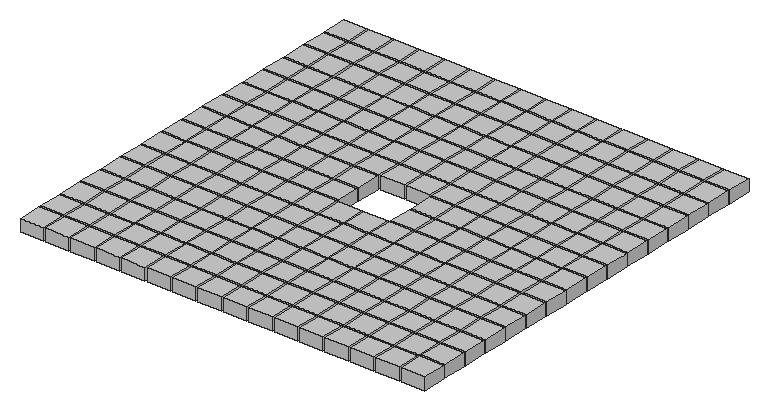
Revit family "Alcorque Ecológico", category Furniture, Revit 2020 (continued)
Automatic sketch dimensions
  Extrusion 268 sketch curve to plane 3201 = 0.120 m
  Extrusion 268 sketch curve to plane 3201 = 0.005 m
  Extrusion 268 sketch curve to Extrusion 268 sketch curve = 0.115 m
  Extrusion 269 sketch curve to plane 3213 = 0.120 m
  Extrusion 269 sketch curve to plane 3213 = 0.005 m
  Extrusion 269 sketch curve to Extrusion 269 sketch curve = 0.115 m
  Extrusion 270 sketch curve to plane 3225 = 0.120 m
  Extrusion 270 sketch curve to plane 3225 = 0.005 m
  Extrusion 270 sketch curve to Extrusion 270 sketch curve = 0.115 m
  plane 3243 to Extrusion 271 sketch curve = 0.005 m
  Extrusion 271 sketch curve to plane 3237 = 0.120 m
  Extrusion 271 sketch curve to plane 3237 = 0.005 m
  plane 3255 to Extrusion 272 sketch curve = 0.005 m
  Extrusion 272 sketch curve to plane 3249 = 0.120 m
  Extrusion 272 sketch curve to plane 3249 = 0.005 m
  plane 3267 to Extrusion 273 sketch curve = 0.005 m
  Extrusion 273 sketch curve to plane 3261 = 0.120 m
  Extrusion 273 sketch curve to plane 3261 = 0.005 m
  plane 3279 to Extrusion 274 sketch curve = 0.005 m
  Extrusion 274 sketch curve to plane 3273 = 0.120 m
  Extrusion 274 sketch curve to plane 3273 = 0.005 m
  Extrusion 274 sketch curve to Extrusion 274 sketch curve = 0.115 m
  plane 3291 to Extrusion 275 sketch curve = 0.005 m
  Extrusion 275 sketch curve to plane 3285 = 0.120 m
  Extrusion 275 sketch curve to plane 3285 = 0.005 m
  Extrusion 275 sketch curve to Extrusion 275 sketch curve = 0.115 m
  plane 3303 to Extrusion 276 sketch curve = 0.005 m
  Extrusion 276 sketch curve to plane 3297 = 0.120 m
  Extrusion 276 sketch curve to plane 3297 = 0.005 m
  Extrusion 276 sketch curve to Extrusion 276 sketch curve = 0.115 m
  plane 3315 to Extrusion 277 sketch curve = 0.005 m
  Extrusion 277 sketch curve to plane 3309 = 0.120 m
  Extrusion 277 sketch curve to plane 3309 = 0.005 m
  Extrusion 277 sketch curve to Extrusion 277 sketch curve = 0.115 m
  plane 3327 to Extrusion 278 sketch curve = 0.005 m
  Extrusion 278 sketch curve to plane 3321 = 0.120 m
  Extrusion 278 sketch curve to plane 3321 = 0.005 m
  Extrusion 278 sketch curve to Extrusion 278 sketch curve = 0.115 m
  plane 3339 to Extrusion 279 sketch curve = 0.005 m
  Extrusion 279 sketch curve to plane 3333 = 0.120 m
  Extrusion 279 sketch curve to plane 3333 = 0.005 m
  Extrusion 279 sketch curve to Extrusion 279 sketch curve = 0.115 m
  plane 3351 to Extrusion 280 sketch curve = 0.005 m
  Extrusion 280 sketch curve to plane 3345 = 0.120 m
  Extrusion 280 sketch curve to plane 3345 = 0.005 m
  Extrusion 280 sketch curve to Extrusion 280 sketch curve = 0.115 m
  plane 3363 to Extrusion 281 sketch curve = 0.005 m
  Extrusion 281 sketch curve to plane 3357 = 0.120 m
  Extrusion 281 sketch curve to plane 3357 = 0.005 m
  Extrusion 281 sketch curve to Extrusion 281 sketch curve = 0.115 m
  Extrusion 282 sketch curve to plane 3369 = 0.120 m
  Extrusion 282 sketch curve to plane 3369 = 0.005 m
  Extrusion 282 sketch curve to Extrusion 282 sketch curve = 0.115 m
  Extrusion 283 sketch curve to plane 3381 = 0.120 m
  Extrusion 283 sketch curve to plane 3381 = 0.005 m
  Extrusion 283 sketch curve to Extrusion 283 sketch curve = 0.115 m
  Extrusion 284 sketch curve to plane 3393 = 0.120 m
  Extrusion 284 sketch curve to plane 3393 = 0.005 m
  Extrusion 284 sketch curve to Extrusion 284 sketch curve = 0.115 m
  Extrusion 285 sketch curve to plane 3405 = 0.120 m
  Extrusion 285 sketch curve to plane 3405 = 0.005 m
  Extrusion 285 sketch curve to Extrusion 285 sketch curve = 0.115 m
  Extrusion 286 sketch curve to plane 3417 = 0.120 m
  Extrusion 286 sketch curve to plane 3417 = 0.005 m
  Extrusion 286 sketch curve to Extrusion 286 sketch curve = 0.115 m
  plane 3435 to Extrusion 287 sketch curve = 0.005 m
  Extrusion 287 sketch curve to plane 3429 = 0.120 m
  Extrusion 287 sketch curve to plane 3429 = 0.005 m
  plane 3447 to Extrusion 288 sketch curve = 0.005 m
  Extrusion 288 sketch curve to plane 3441 = 0.120 m
  Extrusion 288 sketch curve to plane 3441 = 0.005 m
  Extrusion 289 sketch curve to plane 3453 = 0.120 m
  Extrusion 289 sketch curve to plane 3453 = 0.005 m
  Extrusion 289 sketch curve to Extrusion 289 sketch curve = 0.115 m
  plane 3471 to Extrusion 290 sketch curve = 0.005 m
  Extrusion 290 sketch curve to plane 3465 = 0.120 m
  Extrusion 290 sketch curve to plane 3465 = 0.005 m
  plane 3483 to Extrusion 291 sketch curve = 0.005 m
  Extrusion 291 sketch curve to plane 3477 = 0.120 m
  Extrusion 291 sketch curve to plane 3477 = 0.005 m
  plane 3495 to Extrusion 292 sketch curve = 0.005 m
  Extrusion 292 sketch curve to plane 3489 = 0.120 m
  Extrusion 292 sketch curve to plane 3489 = 0.005 m
  plane 3507 to Extrusion 293 sketch curve = 0.005 m
  Extrusion 293 sketch curve to plane 3501 = 0.120 m
  Extrusion 293 sketch curve to plane 3501 = 0.005 m
  plane 3519 to Extrusion 294 sketch curve = 0.005 m
  Extrusion 294 sketch curve to plane 3513 = 0.120 m
  Extrusion 294 sketch curve to plane 3513 = 0.005 m
  plane 3531 to Extrusion 295 sketch curve = 0.005 m
  Extrusion 295 sketch curve to plane 3525 = 0.120 m
  Extrusion 295 sketch curve to plane 3525 = 0.005 m
  plane 3543 to Extrusion 296 sketch curve = 0.005 m
  Extrusion 296 sketch curve to plane 3537 = 0.120 m
  Extrusion 296 sketch curve to plane 3537 = 0.005 m
  Extrusion 296 sketch curve to Extrusion 296 sketch curve = 0.115 m
  plane 3555 to Extrusion 297 sketch curve = 0.005 m
  Extrusion 297 sketch curve to plane 3549 = 0.120 m
  Extrusion 297 sketch curve to plane 3549 = 0.005 m
  Extrusion 297 sketch curve to Extrusion 297 sketch curve = 0.115 m
  plane 3567 to Extrusion 298 sketch curve = 0.005 m
  Extrusion 298 sketch curve to plane 3561 = 0.120 m
  Extrusion 298 sketch curve to plane 3561 = 0.005 m
  Extrusion 298 sketch curve to Extrusion 298 sketch curve = 0.115 m
  plane 3579 to Extrusion 299 sketch curve = 0.005 m
  Extrusion 299 sketch curve to plane 3573 = 0.120 m
  Extrusion 299 sketch curve to plane 3573 = 0.005 m
  Extrusion 299 sketch curve to Extrusion 299 sketch curve = 0.115 m
  plane 3591 to Extrusion 300 sketch curve = 0.005 m
  Extrusion 300 sketch curve to plane 3585 = 0.120 m
  Extrusion 300 sketch curve to plane 3585 = 0.005 m
  Extrusion 300 sketch curve to Extrusion 300 sketch curve = 0.115 m
  plane 3603 to Extrusion 301 sketch curve = 0.005 m
  Extrusion 301 sketch curve to plane 3597 = 0.120 m
  Extrusion 301 sketch curve to plane 3597 = 0.005 m
  Extrusion 301 sketch curve to Extrusion 301 sketch curve = 0.115 m
  plane 3615 to Extrusion 302 sketch curve = 0.005 m
  Extrusion 302 sketch curve to plane 3609 = 0.120 m
  Extrusion 302 sketch curve to plane 3609 = 0.005 m
  Extrusion 302 sketch curve to Extrusion 302 sketch curve = 0.115 m
  plane 3627 to Extrusion 303 sketch curve = 0.005 m
  Extrusion 303 sketch curve to plane 3621 = 0.120 m
  Extrusion 303 sketch curve to plane 3621 = 0.005 m
  Extrusion 303 sketch curve to Extrusion 303 sketch curve = 0.115 m
  plane 3639 to Extrusion 304 sketch curve = 0.005 m
  Extrusion 304 sketch curve to plane 3633 = 0.120 m
  Extrusion 304 sketch curve to plane 3633 = 0.005 m
  Extrusion 304 sketch curve to Extrusion 304 sketch curve = 0.115 m
  plane 3651 to Extrusion 305 sketch curve = 0.005 m
  Extrusion 305 sketch curve to plane 3645 = 0.120 m
  Extrusion 305 sketch curve to plane 3645 = 0.005 m
  Extrusion 305 sketch curve to Extrusion 305 sketch curve = 0.115 m
  plane 3663 to Extrusion 306 sketch curve = 0.005 m
  Extrusion 306 sketch curve to plane 3657 = 0.120 m
  Extrusion 306 sketch curve to plane 3657 = 0.005 m
  Extrusion 306 sketch curve to Extrusion 306 sketch curve = 0.115 m
  plane 3675 to Extrusion 307 sketch curve = 0.005 m
  Extrusion 307 sketch curve to plane 3669 = 0.120 m
  Extrusion 307 sketch curve to plane 3669 = 0.005 m
  Extrusion 307 sketch curve to Extrusion 307 sketch curve = 0.115 m
  plane 3687 to Extrusion 308 sketch curve = 0.005 m
  Extrusion 308 sketch curve to plane 3681 = 0.120 m
  Extrusion 308 sketch curve to plane 3681 = 0.005 m
  Extrusion 308 sketch curve to Extrusion 308 sketch curve = 0.115 m
  plane 3699 to Extrusion 309 sketch curve = 0.005 m
  Extrusion 309 sketch curve to plane 3693 = 0.120 m
  Extrusion 309 sketch curve to plane 3693 = 0.005 m
  Extrusion 309 sketch curve to Extrusion 309 sketch curve = 0.115 m
  plane 3711 to Extrusion 310 sketch curve = 0.005 m
  Extrusion 310 sketch curve to plane 3705 = 0.120 m
  Extrusion 310 sketch curve to plane 3705 = 0.005 m
  Extrusion 310 sketch curve to Extrusion 310 sketch curve = 0.115 m
  plane 3723 to Extrusion 311 sketch curve = 0.005 m
  Extrusion 311 sketch curve to plane 3717 = 0.120 m
  Extrusion 311 sketch curve to plane 3717 = 0.005 m
  Extrusion 311 sketch curve to Extrusion 311 sketch curve = 0.115 m
  plane 3735 to Extrusion 312 sketch curve = 0.005 m
  Extrusion 312 sketch curve to plane 3729 = 0.120 m
  Extrusion 312 sketch curve to plane 3729 = 0.005 m
  Extrusion 312 sketch curve to Extrusion 312 sketch curve = 0.115 m
  plane 3747 to Extrusion 313 sketch curve = 0.005 m
  Extrusion 313 sketch curve to plane 3741 = 0.120 m
  Extrusion 313 sketch curve to plane 3741 = 0.005 m
  Extrusion 313 sketch curve to Extrusion 313 sketch curve = 0.115 m
  plane 3759 to Extrusion 314 sketch curve = 0.005 m
  Extrusion 314 sketch curve to plane 3753 = 0.120 m
  Extrusion 314 sketch curve to plane 3753 = 0.005 m
  Extrusion 314 sketch curve to Extrusion 314 sketch curve = 0.115 m
  plane 3771 to Extrusion 315 sketch curve = 0.005 m
  Extrusion 315 sketch curve to plane 3765 = 0.120 m
  Extrusion 315 sketch curve to plane 3765 = 0.005 m
  Extrusion 315 sketch curve to Extrusion 315 sketch curve = 0.115 m
  plane 3783 to Extrusion 316 sketch curve = 0.005 m
  Extrusion 316 sketch curve to plane 3777 = 0.120 m
  Extrusion 316 sketch curve to plane 3777 = 0.005 m
  Extrusion 316 sketch curve to Extrusion 316 sketch curve = 0.115 m
  plane 3795 to Extrusion 317 sketch curve = 0.005 m
  Extrusion 317 sketch curve to plane 3789 = 0.120 m
  Extrusion 317 sketch curve to plane 3789 = 0.005 m
  Extrusion 317 sketch curve to Extrusion 317 sketch curve = 0.115 m
  plane 3807 to Extrusion 318 sketch curve = 0.005 m
  Extrusion 318 sketch curve to plane 3801 = 0.120 m
  Extrusion 318 sketch curve to plane 3801 = 0.005 m
  Extrusion 318 sketch curve to Extrusion 318 sketch curve = 0.115 m
  plane 3819 to Extrusion 319 sketch curve = 0.005 m
  Extrusion 319 sketch curve to plane 3813 = 0.120 m
  Extrusion 319 sketch curve to plane 3813 = 0.005 m
  Extrusion 319 sketch curve to Extrusion 319 sketch curve = 0.115 m
  plane 3831 to Extrusion 320 sketch curve = 0.005 m
  Extrusion 320 sketch curve to plane 3825 = 0.120 m
  Extrusion 320 sketch curve to plane 3825 = 0.005 m
  plane 3843 to Extrusion 321 sketch curve = 0.005 m
  Extrusion 321 sketch curve to plane 3837 = 0.120 m
  Extrusion 321 sketch curve to plane 3837 = 0.005 m
  plane 3855 to Extrusion 322 sketch curve = 0.005 m
  Extrusion 322 sketch curve to plane 3849 = 0.120 m
  Extrusion 322 sketch curve to plane 3849 = 0.005 m
  plane 3867 to Extrusion 323 sketch curve = 0.005 m
  Extrusion 323 sketch curve to plane 3861 = 0.120 m
  Extrusion 323 sketch curve to plane 3861 = 0.005 m
  Extrusion 323 sketch curve to Extrusion 323 sketch curve = 0.115 m
  plane 3879 to Extrusion 324 sketch curve = 0.005 m
  Extrusion 324 sketch curve to plane 3873 = 0.120 m
  Extrusion 324 sketch curve to plane 3873 = 0.005 m
  Extrusion 324 sketch curve to Extrusion 324 sketch curve = 0.115 m
  plane 3891 to Extrusion 325 sketch curve = 0.005 m
  Extrusion 325 sketch curve to plane 3885 = 0.120 m
  Extrusion 325 sketch curve to plane 3885 = 0.005 m
  Extrusion 325 sketch curve to Extrusion 325 sketch curve = 0.115 m
  plane 3903 to Extrusion 326 sketch curve = 0.005 m
  Extrusion 326 sketch curve to plane 3897 = 0.120 m
  Extrusion 326 sketch curve to plane 3897 = 0.005 m
  Extrusion 326 sketch curve to Extrusion 326 sketch curve = 0.115 m
  plane 3915 to Extrusion 327 sketch curve = 0.005 m
  Extrusion 327 sketch curve to plane 3909 = 0.120 m
  Extrusion 327 sketch curve to plane 3909 = 0.005 m
  Extrusion 327 sketch curve to Extrusion 327 sketch curve = 0.115 m
  plane 3927 to Extrusion 328 sketch curve = 0.005 m
  Extrusion 328 sketch curve to plane 3921 = 0.120 m
  Extrusion 328 sketch curve to plane 3921 = 0.005 m
  Extrusion 328 sketch curve to Extrusion 328 sketch curve = 0.115 m
  plane 3939 to Extrusion 329 sketch curve = 0.005 m
  Extrusion 329 sketch curve to plane 3933 = 0.120 m
  Extrusion 329 sketch curve to plane 3933 = 0.005 m
  Extrusion 329 sketch curve to Extrusion 329 sketch curve = 0.115 m
  plane 3951 to Extrusion 330 sketch curve = 0.005 m
  Extrusion 330 sketch curve to plane 3945 = 0.120 m
  Extrusion 330 sketch curve to plane 3945 = 0.005 m
  Extrusion 330 sketch curve to Extrusion 330 sketch curve = 0.115 m
  plane 3963 to Extrusion 331 sketch curve = 0.005 m
  Extrusion 331 sketch curve to plane 3957 = 0.120 m
  Extrusion 331 sketch curve to plane 3957 = 0.005 m
  Extrusion 331 sketch curve to Extrusion 331 sketch curve = 0.115 m
  plane 3975 to Extrusion 332 sketch curve = 0.005 m
  Extrusion 332 sketch curve to plane 3969 = 0.120 m
  Extrusion 332 sketch curve to plane 3969 = 0.005 m
  Extrusion 332 sketch curve to Extrusion 332 sketch curve = 0.115 m
  plane 3987 to Extrusion 333 sketch curve = 0.005 m
  Extrusion 333 sketch curve to plane 3981 = 0.120 m
  Extrusion 333 sketch curve to plane 3981 = 0.005 m
  Extrusion 333 sketch curve to Extrusion 333 sketch curve = 0.115 m
  plane 3999 to Extrusion 334 sketch curve = 0.005 m
  Extrusion 334 sketch curve to plane 3993 = 0.120 m
  Extrusion 334 sketch curve to plane 3993 = 0.005 m
  Extrusion 334 sketch curve to Extrusion 334 sketch curve = 0.115 m
  plane 4011 to Extrusion 335 sketch curve = 0.005 m
  Extrusion 335 sketch curve to plane 4005 = 0.120 m
  Extrusion 335 sketch curve to plane 4005 = 0.005 m
  plane 4023 to Extrusion 336 sketch curve = 0.005 m
  Extrusion 336 sketch curve to plane 4017 = 0.120 m
  Extrusion 336 sketch curve to plane 4017 = 0.005 m
  plane 4035 to Extrusion 337 sketch curve = 0.005 m
  Extrusion 337 sketch curve to plane 4029 = 0.120 m
  Extrusion 337 sketch curve to plane 4029 = 0.005 m
  plane 4047 to Extrusion 338 sketch curve = 0.005 m
  Extrusion 338 sketch curve to plane 4041 = 0.120 m
  Extrusion 338 sketch curve to plane 4041 = 0.005 m
  plane 4059 to Extrusion 339 sketch curve = 0.005 m
  Extrusion 339 sketch curve to plane 4053 = 0.120 m
  Extrusion 339 sketch curve to plane 4053 = 0.005 m
  plane 4071 to Extrusion 340 sketch curve = 0.005 m
  Extrusion 340 sketch curve to plane 4065 = 0.120 m
  Extrusion 340 sketch curve to plane 4065 = 0.005 m
  plane 4083 to Extrusion 341 sketch curve = 0.005 m
  Extrusion 341 sketch curve to plane 4077 = 0.120 m
  Extrusion 341 sketch curve to plane 4077 = 0.005 m
  Extrusion 341 sketch curve to Extrusion 341 sketch curve = 0.115 m
  plane 4095 to Extrusion 342 sketch curve = 0.005 m
  Extrusion 342 sketch curve to plane 4089 = 0.120 m
  Extrusion 342 sketch curve to plane 4089 = 0.005 m
  Extrusion 342 sketch curve to Extrusion 342 sketch curve = 0.115 m
  plane 4107 to Extrusion 343 sketch curve = 0.005 m
  Extrusion 343 sketch curve to plane 4101 = 0.120 m
  Extrusion 343 sketch curve to plane 4101 = 0.005 m
  Extrusion 343 sketch curve to Extrusion 343 sketch curve = 0.115 m
  plane 4119 to Extrusion 344 sketch curve = 0.005 m
  Extrusion 344 sketch curve to plane 4113 = 0.120 m
  Extrusion 344 sketch curve to plane 4113 = 0.005 m
  Extrusion 344 sketch curve to Extrusion 344 sketch curve = 0.115 m
  plane 4131 to Extrusion 345 sketch curve = 0.005 m
  Extrusion 345 sketch curve to plane 4125 = 0.120 m
  Extrusion 345 sketch curve to plane 4125 = 0.005 m
  Extrusion 345 sketch curve to Extrusion 345 sketch curve = 0.115 m
  plane 4143 to Extrusion 346 sketch curve = 0.005 m
  Extrusion 346 sketch curve to plane 4137 = 0.120 m
  Extrusion 346 sketch curve to plane 4137 = 0.005 m
  Extrusion 346 sketch curve to Extrusion 346 sketch curve = 0.115 m
  plane 4155 to Extrusion 347 sketch curve = 0.005 m
  Extrusion 347 sketch curve to plane 4149 = 0.120 m
  Extrusion 347 sketch curve to plane 4149 = 0.005 m
  Extrusion 347 sketch curve to Extrusion 347 sketch curve = 0.115 m
  plane 4167 to Extrusion 348 sketch curve = 0.005 m
  Extrusion 348 sketch curve to plane 4161 = 0.120 m
  Extrusion 348 sketch curve to plane 4161 = 0.005 m
  Extrusion 348 sketch curve to Extrusion 348 sketch curve = 0.115 m
  Extrusion 349 sketch curve to plane 4173 = 0.120 m
  Extrusion 349 sketch curve to plane 4173 = 0.005 m
  Extrusion 349 sketch curve to Extrusion 349 sketch curve = 0.115 m
  Extrusion 350 sketch curve to plane 4185 = 0.120 m
  Extrusion 350 sketch curve to plane 4185 = 0.005 m
  Extrusion 350 sketch curve to Extrusion 350 sketch curve = 0.115 m
  Extrusion 351 sketch curve to plane 4197 = 0.120 m
  Extrusion 351 sketch curve to plane 4197 = 0.005 m
  Extrusion 351 sketch curve to Extrusion 351 sketch curve = 0.115 m
  plane 4215 to Extrusion 352 sketch curve = 0.005 m
  Extrusion 352 sketch curve to plane 4209 = 0.120 m
  Extrusion 352 sketch curve to plane 4209 = 0.005 m
  plane 4227 to Extrusion 353 sketch curve = 0.005 m
  Extrusion 353 sketch curve to plane 4221 = 0.120 m
  Extrusion 353 sketch curve to plane 4221 = 0.005 m
  plane 4239 to Extrusion 354 sketch curve = 0.005 m
  Extrusion 354 sketch curve to plane 4233 = 0.120 m
  Extrusion 354 sketch curve to plane 4233 = 0.005 m
  plane 4251 to Extrusion 355 sketch curve = 0.005 m
  Extrusion 355 sketch curve to plane 4245 = 0.120 m
  Extrusion 355 sketch curve to plane 4245 = 0.005 m
  Extrusion 355 sketch curve to Extrusion 355 sketch curve = 0.115 m
  plane 4263 to Extrusion 356 sketch curve = 0.005 m
  Extrusion 356 sketch curve to plane 4257 = 0.120 m
  Extrusion 356 sketch curve to plane 4257 = 0.005 m
  Extrusion 356 sketch curve to Extrusion 356 sketch curve = 0.115 m
  plane 4275 to Extrusion 357 sketch curve = 0.005 m
  Extrusion 357 sketch curve to plane 4269 = 0.120 m
  Extrusion 357 sketch curve to plane 4269 = 0.005 m
  Extrusion 357 sketch curve to Extrusion 357 sketch curve = 0.115 m
  plane 4287 to Extrusion 358 sketch curve = 0.005 m
  Extrusion 358 sketch curve to plane 4281 = 0.120 m
  Extrusion 358 sketch curve to plane 4281 = 0.005 m
  Extrusion 358 sketch curve to Extrusion 358 sketch curve = 0.115 m
  plane 4299 to Extrusion 359 sketch curve = 0.005 m
  Extrusion 359 sketch curve to plane 4293 = 0.120 m
  Extrusion 359 sketch curve to plane 4293 = 0.005 m
  Extrusion 359 sketch curve to Extrusion 359 sketch curve = 0.115 m
  plane 4311 to Extrusion 360 sketch curve = 0.005 m
  Extrusion 360 sketch curve to plane 4305 = 0.120 m
  Extrusion 360 sketch curve to plane 4305 = 0.005 m
  Extrusion 360 sketch curve to Extrusion 360 sketch curve = 0.115 m
  plane 4323 to Extrusion 361 sketch curve = 0.005 m
  Extrusion 361 sketch curve to plane 4317 = 0.120 m
  Extrusion 361 sketch curve to plane 4317 = 0.005 m
  Extrusion 361 sketch curve to Extrusion 361 sketch curve = 0.115 m
  plane 4335 to Extrusion 362 sketch curve = 0.005 m
  Extrusion 362 sketch curve to plane 4329 = 0.120 m
  Extrusion 362 sketch curve to plane 4329 = 0.005 m
  Extrusion 362 sketch curve to Extrusion 362 sketch curve = 0.115 m
  Extrusion 363 sketch curve to plane 4341 = 0.120 m
  Extrusion 363 sketch curve to plane 4341 = 0.005 m
  Extrusion 363 sketch curve to Extrusion 363 sketch curve = 0.115 m
  Extrusion 364 sketch curve to plane 4353 = 0.120 m
  Extrusion 364 sketch curve to plane 4353 = 0.005 m
  Extrusion 364 sketch curve to Extrusion 364 sketch curve = 0.115 m
  Extrusion 365 sketch curve to plane 4365 = 0.120 m
  Extrusion 365 sketch curve to plane 4365 = 0.005 m
  Extrusion 365 sketch curve to Extrusion 365 sketch curve = 0.115 m
  Extrusion 366 sketch curve to plane 4377 = 0.120 m
  Extrusion 366 sketch curve to plane 4377 = 0.005 m
  Extrusion 366 sketch curve to Extrusion 366 sketch curve = 0.115 m
  Extrusion 367 sketch curve to plane 4389 = 0.120 m
  Extrusion 367 sketch curve to plane 4389 = 0.005 m
  Extrusion 367 sketch curve to Extrusion 367 sketch curve = 0.115 m
  plane 4407 to Extrusion 368 sketch curve = 0.005 m
  Extrusion 368 sketch curve to plane 4401 = 0.120 m
  Extrusion 368 sketch curve to plane 4401 = 0.005 m
  plane 4419 to Extrusion 369 sketch curve = 0.005 m
  Extrusion 369 sketch curve to plane 4413 = 0.120 m
  Extrusion 369 sketch curve to plane 4413 = 0.005 m
  plane 4431 to Extrusion 370 sketch curve = 0.005 m
  Extrusion 370 sketch curve to plane 4425 = 0.120 m
  Extrusion 370 sketch curve to plane 4425 = 0.005 m
  plane 4443 to Extrusion 371 sketch curve = 0.005 m
  Extrusion 371 sketch curve to plane 4437 = 0.120 m
  Extrusion 371 sketch curve to plane 4437 = 0.005 m
  plane 4455 to Extrusion 372 sketch curve = 0.005 m
  Extrusion 372 sketch curve to plane 4449 = 0.120 m
  Extrusion 372 sketch curve to plane 4449 = 0.005 m
  Extrusion 372 sketch curve to Extrusion 372 sketch curve = 0.115 m
  plane 4467 to Extrusion 373 sketch curve = 0.005 m
  Extrusion 373 sketch curve to plane 4461 = 0.120 m
  Extrusion 373 sketch curve to plane 4461 = 0.005 m
  Extrusion 373 sketch curve to Extrusion 373 sketch curve = 0.115 m
  plane 4479 to Extrusion 374 sketch curve = 0.005 m
  Extrusion 374 sketch curve to plane 4473 = 0.120 m
  Extrusion 374 sketch curve to plane 4473 = 0.005 m
  Extrusion 374 sketch curve to Extrusion 374 sketch curve = 0.115 m
  plane 4491 to Extrusion 375 sketch curve = 0.005 m
  Extrusion 375 sketch curve to plane 4485 = 0.120 m
  Extrusion 375 sketch curve to plane 4485 = 0.005 m
  Extrusion 375 sketch curve to Extrusion 375 sketch curve = 0.115 m
  plane 4503 to Extrusion 376 sketch curve = 0.005 m
  Extrusion 376 sketch curve to plane 4497 = 0.120 m
  Extrusion 376 sketch curve to plane 4497 = 0.005 m
  Extrusion 376 sketch curve to Extrusion 376 sketch curve = 0.115 m
  plane 4515 to Extrusion 377 sketch curve = 0.005 m
  Extrusion 377 sketch curve to plane 4509 = 0.120 m
  Extrusion 377 sketch curve to plane 4509 = 0.005 m
  Extrusion 377 sketch curve to Extrusion 377 sketch curve = 0.115 m
  plane 4527 to Extrusion 378 sketch curve = 0.005 m
  Extrusion 378 sketch curve to plane 4521 = 0.120 m
  Extrusion 378 sketch curve to plane 4521 = 0.005 m
  Extrusion 378 sketch curve to Extrusion 378 sketch curve = 0.115 m
  plane 4539 to Extrusion 379 sketch curve = 0.005 m
  Extrusion 379 sketch curve to plane 4533 = 0.120 m
  Extrusion 379 sketch curve to plane 4533 = 0.005 m
  Extrusion 379 sketch curve to Extrusion 379 sketch curve = 0.115 m
  plane 4551 to Extrusion 380 sketch curve = 0.005 m
  Extrusion 380 sketch curve to plane 4545 = 0.120 m
  Extrusion 380 sketch curve to plane 4545 = 0.005 m
  Extrusion 380 sketch curve to Extrusion 380 sketch curve = 0.115 m
  plane 4563 to Extrusion 381 sketch curve = 0.005 m
  Extrusion 381 sketch curve to plane 4557 = 0.120 m
  Extrusion 381 sketch curve to plane 4557 = 0.005 m
  Extrusion 381 sketch curve to Extrusion 381 sketch curve = 0.115 m
  plane 4575 to Extrusion 382 sketch curve = 0.005 m
  Extrusion 382 sketch curve to plane 4569 = 0.120 m
  Extrusion 382 sketch curve to plane 4569 = 0.005 m
  Extrusion 382 sketch curve to Extrusion 382 sketch curve = 0.115 m
  plane 4587 to Extrusion 383 sketch curve = 0.005 m
  Extrusion 383 sketch curve to plane 4581 = 0.120 m
  Extrusion 383 sketch curve to plane 4581 = 0.005 m
  Extrusion 383 sketch curve to Extrusion 383 sketch curve = 0.115 m
  plane 4599 to Extrusion 384 sketch curve = 0.005 m
  Extrusion 384 sketch curve to plane 4593 = 0.120 m
  Extrusion 384 sketch curve to plane 4593 = 0.005 m
  plane 4611 to Extrusion 385 sketch curve = 0.005 m
  Extrusion 385 sketch curve to plane 4605 = 0.120 m
  Extrusion 385 sketch curve to plane 4605 = 0.005 m
  Extrusion 385 sketch curve to Extrusion 385 sketch curve = 0.115 m
  plane 4623 to Extrusion 386 sketch curve = 0.005 m
  Extrusion 386 sketch curve to plane 4617 = 0.120 m
  Extrusion 386 sketch curve to plane 4617 = 0.005 m
  Extrusion 386 sketch curve to Extrusion 386 sketch curve = 0.115 m
  plane 4635 to Extrusion 387 sketch curve = 0.005 m
  Extrusion 387 sketch curve to plane 4629 = 0.120 m
  Extrusion 387 sketch curve to plane 4629 = 0.005 m
  Extrusion 387 sketch curve to Extrusion 387 sketch curve = 0.115 m
  plane 4647 to Extrusion 388 sketch curve = 0.005 m
  Extrusion 388 sketch curve to plane 4641 = 0.120 m
  Extrusion 388 sketch curve to plane 4641 = 0.005 m
  Extrusion 388 sketch curve to Extrusion 388 sketch curve = 0.115 m
  plane 4659 to Extrusion 389 sketch curve = 0.005 m
  Extrusion 389 sketch curve to plane 4653 = 0.120 m
  Extrusion 389 sketch curve to plane 4653 = 0.005 m
  Extrusion 389 sketch curve to Extrusion 389 sketch curve = 0.115 m
  plane 4671 to Extrusion 390 sketch curve = 0.005 m
  Extrusion 390 sketch curve to plane 4665 = 0.120 m
  Extrusion 390 sketch curve to plane 4665 = 0.005 m
  Extrusion 390 sketch curve to Extrusion 390 sketch curve = 0.115 m
  plane 4683 to Extrusion 391 sketch curve = 0.005 m
  Extrusion 391 sketch curve to plane 4677 = 0.120 m
  Extrusion 391 sketch curve to plane 4677 = 0.005 m
  Extrusion 391 sketch curve to Extrusion 391 sketch curve = 0.115 m
  plane 4695 to Extrusion 392 sketch curve = 0.005 m
  Extrusion 392 sketch curve to plane 4689 = 0.120 m
  Extrusion 392 sketch curve to plane 4689 = 0.005 m
  Extrusion 392 sketch curve to Extrusion 392 sketch curve = 0.115 m
  plane 4707 to Extrusion 393 sketch curve = 0.005 m
  Extrusion 393 sketch curve to plane 4701 = 0.120 m
  Extrusion 393 sketch curve to plane 4701 = 0.005 m
  Extrusion 393 sketch curve to Extrusion 393 sketch curve = 0.115 m
  plane 4719 to Extrusion 394 sketch curve = 0.005 m
  Extrusion 394 sketch curve to plane 4713 = 0.120 m
  Extrusion 394 sketch curve to plane 4713 = 0.005 m
  Extrusion 394 sketch curve to Extrusion 394 sketch curve = 0.115 m
  plane 4731 to Extrusion 395 sketch curve = 0.005 m
  Extrusion 395 sketch curve to plane 4725 = 0.120 m
  Extrusion 395 sketch curve to plane 4725 = 0.005 m
  Extrusion 395 sketch curve to Extrusion 395 sketch curve = 0.115 m
  plane 4743 to Extrusion 396 sketch curve = 0.005 m
  Extrusion 396 sketch curve to plane 4737 = 0.120 m
  Extrusion 396 sketch curve to plane 4737 = 0.005 m
  Extrusion 396 sketch curve to Extrusion 396 sketch curve = 0.115 m
  plane 4755 to Extrusion 397 sketch curve = 0.005 m
  Extrusion 397 sketch curve to plane 4749 = 0.120 m
  Extrusion 397 sketch curve to plane 4749 = 0.005 m
  Extrusion 397 sketch curve to Extrusion 397 sketch curve = 0.115 m
  plane 4767 to Extrusion 398 sketch curve = 0.005 m
  Extrusion 398 sketch curve to plane 4761 = 0.120 m
  Extrusion 398 sketch curve to plane 4761 = 0.005 m
  Extrusion 398 sketch curve to Extrusion 398 sketch curve = 0.115 m
  plane 4779 to Extrusion 399 sketch curve = 0.005 m
  Extrusion 399 sketch curve to plane 4773 = 0.120 m
  Extrusion 399 sketch curve to plane 4773 = 0.005 m
  Extrusion 399 sketch curve to Extrusion 399 sketch curve = 0.115 m
  plane 4791 to Extrusion 400 sketch curve = 0.005 m
  Extrusion 400 sketch curve to plane 4785 = 0.120 m
  Extrusion 400 sketch curve to plane 4785 = 0.005 m
  Extrusion 400 sketch curve to Extrusion 400 sketch curve = 0.115 m
  plane 4803 to Extrusion 401 sketch curve = 0.005 m
  Extrusion 401 sketch curve to plane 4797 = 0.120 m
  Extrusion 401 sketch curve to plane 4797 = 0.005 m
  Extrusion 401 sketch curve to Extrusion 401 sketch curve = 0.115 m
  plane 4815 to Extrusion 402 sketch curve = 0.005 m
  Extrusion 402 sketch curve to plane 4809 = 0.120 m
  Extrusion 402 sketch curve to plane 4809 = 0.005 m
  Extrusion 402 sketch curve to Extrusion 402 sketch curve = 0.115 m
  plane 4827 to Extrusion 403 sketch curve = 0.005 m
  Extrusion 403 sketch curve to plane 4821 = 0.120 m
  Extrusion 403 sketch curve to plane 4821 = 0.005 m
  Extrusion 403 sketch curve to Extrusion 403 sketch curve = 0.115 m
  plane 4839 to Extrusion 404 sketch curve = 0.005 m
  Extrusion 404 sketch curve to plane 4833 = 0.120 m
  Extrusion 404 sketch curve to plane 4833 = 0.005 m
  Extrusion 404 sketch curve to Extrusion 404 sketch curve = 0.115 m
  plane 4851 to Extrusion 405 sketch curve = 0.005 m
  Extrusion 405 sketch curve to plane 4845 = 0.120 m
  Extrusion 405 sketch curve to plane 4845 = 0.005 m
  Extrusion 405 sketch curve to Extrusion 405 sketch curve = 0.115 m
  plane 4863 to Extrusion 406 sketch curve = 0.005 m
  Extrusion 406 sketch curve to plane 4857 = 0.120 m
  Extrusion 406 sketch curve to plane 4857 = 0.005 m
  Extrusion 406 sketch curve to Extrusion 406 sketch curve = 0.115 m
  plane 4875 to Extrusion 407 sketch curve = 0.005 m
  Extrusion 407 sketch curve to plane 4869 = 0.120 m
  Extrusion 407 sketch curve to plane 4869 = 0.005 m
  Extrusion 407 sketch curve to Extrusion 407 sketch curve = 0.115 m
  plane 4887 to Extrusion 408 sketch curve = 0.005 m
  Extrusion 408 sketch curve to plane 4881 = 0.120 m
  Extrusion 408 sketch curve to plane 4881 = 0.005 m
  Extrusion 408 sketch curve to Extrusion 408 sketch curve = 0.115 m
  plane 4899 to Extrusion 409 sketch curve = 0.005 m
  Extrusion 409 sketch curve to plane 4893 = 0.120 m
  Extrusion 409 sketch curve to plane 4893 = 0.005 m
  Extrusion 409 sketch curve to Extrusion 409 sketch curve = 0.115 m
  plane 4911 to Extrusion 410 sketch curve = 0.005 m
  Extrusion 410 sketch curve to plane 4905 = 0.120 m
  Extrusion 410 sketch curve to plane 4905 = 0.005 m
  Extrusion 410 sketch curve to Extrusion 410 sketch curve = 0.115 m
  plane 4923 to Extrusion 411 sketch curve = 0.005 m
  Extrusion 411 sketch curve to plane 4917 = 0.120 m
  Extrusion 411 sketch curve to plane 4917 = 0.005 m
  Extrusion 411 sketch curve to Extrusion 411 sketch curve = 0.115 m
  plane 4935 to Extrusion 412 sketch curve = 0.005 m
  Extrusion 412 sketch curve to plane 4929 = 0.120 m
  Extrusion 412 sketch curve to plane 4929 = 0.005 m
  Extrusion 412 sketch curve to Extrusion 412 sketch curve = 0.115 m
  plane 4947 to Extrusion 413 sketch curve = 0.005 m
  Extrusion 413 sketch curve to plane 4941 = 0.120 m
  Extrusion 413 sketch curve to plane 4941 = 0.005 m
  Extrusion 413 sketch curve to Extrusion 413 sketch curve = 0.115 m
  plane 4959 to Extrusion 414 sketch curve = 0.005 m
  Extrusion 414 sketch curve to plane 4953 = 0.120 m
  Extrusion 414 sketch curve to plane 4953 = 0.005 m
  Extrusion 414 sketch curve to Extrusion 414 sketch curve = 0.115 m
  plane 4971 to Extrusion 415 sketch curve = 0.005 m
  Extrusion 415 sketch curve to plane 4965 = 0.120 m
  Extrusion 415 sketch curve to plane 4965 = 0.005 m
  Extrusion 415 sketch curve to Extrusion 415 sketch curve = 0.115 m
  plane 4983 to Extrusion 416 sketch curve = 0.005 m
  Extrusion 416 sketch curve to plane 4977 = 0.120 m
  Extrusion 416 sketch curve to plane 4977 = 0.005 m
  Extrusion 416 sketch curve to Extrusion 416 sketch curve = 0.115 m
  plane 4995 to Extrusion 417 sketch curve = 0.005 m
  Extrusion 417 sketch curve to plane 4989 = 0.120 m
  Extrusion 417 sketch curve to plane 4989 = 0.005 m
  Extrusion 417 sketch curve to Extrusion 417 sketch curve = 0.115 m
  plane 5007 to Extrusion 418 sketch curve = 0.005 m
  Extrusion 418 sketch curve to plane 5001 = 0.120 m
  Extrusion 418 sketch curve to plane 5001 = 0.005 m
  Extrusion 418 sketch curve to Extrusion 418 sketch curve = 0.115 m
  plane 5019 to Extrusion 419 sketch curve = 0.005 m
  Extrusion 419 sketch curve to plane 5013 = 0.120 m
  Extrusion 419 sketch curve to plane 5013 = 0.005 m
  Extrusion 419 sketch curve to Extrusion 419 sketch curve = 0.115 m
  plane 5031 to Extrusion 420 sketch curve = 0.005 m
  Extrusion 420 sketch curve to plane 5025 = 0.120 m
  Extrusion 420 sketch curve to plane 5025 = 0.005 m
  Extrusion 420 sketch curve to Extrusion 420 sketch curve = 0.115 m
  plane 5043 to Extrusion 421 sketch curve = 0.005 m
  Extrusion 421 sketch curve to plane 5037 = 0.120 m
  Extrusion 421 sketch curve to plane 5037 = 0.005 m
  Extrusion 421 sketch curve to Extrusion 421 sketch curve = 0.115 m
  plane 5055 to Extrusion 422 sketch curve = 0.005 m
  Extrusion 422 sketch curve to plane 5049 = 0.120 m
  Extrusion 422 sketch curve to plane 5049 = 0.005 m
  Extrusion 422 sketch curve to Extrusion 422 sketch curve = 0.115 m
  plane 5067 to Extrusion 423 sketch curve = 0.005 m
  Extrusion 423 sketch curve to plane 5061 = 0.120 m
  Extrusion 423 sketch curve to plane 5061 = 0.005 m
  Extrusion 423 sketch curve to Extrusion 423 sketch curve = 0.115 m
  plane 5079 to Extrusion 424 sketch curve = 0.005 m
  Extrusion 424 sketch curve to plane 5073 = 0.120 m
  Extrusion 424 sketch curve to plane 5073 = 0.005 m
  Extrusion 424 sketch curve to Extrusion 424 sketch curve = 0.115 m
  plane 5091 to Extrusion 425 sketch curve = 0.005 m
  Extrusion 425 sketch curve to plane 5085 = 0.120 m
  Extrusion 425 sketch curve to plane 5085 = 0.005 m
  Extrusion 425 sketch curve to Extrusion 425 sketch curve = 0.115 m
  plane 5103 to Extrusion 426 sketch curve = 0.005 m
  Extrusion 426 sketch curve to plane 5097 = 0.120 m
  Extrusion 426 sketch curve to plane 5097 = 0.005 m
  Extrusion 426 sketch curve to Extrusion 426 sketch curve = 0.115 m
  plane 5115 to Extrusion 427 sketch curve = 0.005 m
  Extrusion 427 sketch curve to plane 5109 = 0.120 m
  Extrusion 427 sketch curve to plane 5109 = 0.005 m
  Extrusion 427 sketch curve to Extrusion 427 sketch curve = 0.115 m
  plane 5127 to Extrusion 428 sketch curve = 0.005 m
  Extrusion 428 sketch curve to plane 5121 = 0.120 m
  Extrusion 428 sketch curve to plane 5121 = 0.005 m
  Extrusion 428 sketch curve to Extrusion 428 sketch curve = 0.115 m
  plane 5139 to Extrusion 429 sketch curve = 0.005 m
  Extrusion 429 sketch curve to plane 5133 = 0.120 m
  Extrusion 429 sketch curve to plane 5133 = 0.005 m
  Extrusion 429 sketch curve to Extrusion 429 sketch curve = 0.115 m
  plane 5151 to Extrusion 430 sketch curve = 0.005 m
  Extrusion 430 sketch curve to plane 5145 = 0.120 m
  Extrusion 430 sketch curve to plane 5145 = 0.005 m
  Extrusion 430 sketch curve to Extrusion 430 sketch curve = 0.115 m
  plane 5163 to Extrusion 431 sketch curve = 0.005 m
  Extrusion 431 sketch curve to plane 5157 = 0.120 m
  Extrusion 431 sketch curve to plane 5157 = 0.005 m
  Extrusion 431 sketch curve to Extrusion 431 sketch curve = 0.115 m
  plane 5175 to Extrusion 432 sketch curve = 0.005 m
  Extrusion 432 sketch curve to plane 5169 = 0.120 m
  Extrusion 432 sketch curve to plane 5169 = 0.005 m
  Extrusion 432 sketch curve to Extrusion 432 sketch curve = 0.115 m
  plane 5187 to Extrusion 433 sketch curve = 0.005 m
  Extrusion 433 sketch curve to plane 5181 = 0.120 m
  Extrusion 433 sketch curve to plane 5181 = 0.005 m
  Extrusion 433 sketch curve to Extrusion 433 sketch curve = 0.115 m
  plane 5199 to Extrusion 434 sketch curve = 0.005 m
  Extrusion 434 sketch curve to plane 5193 = 0.120 m
  Extrusion 434 sketch curve to plane 5193 = 0.005 m
  Extrusion 434 sketch curve to Extrusion 434 sketch curve = 0.115 m
  plane 5211 to Extrusion 435 sketch curve = 0.005 m
  Extrusion 435 sketch curve to plane 5205 = 0.120 m
  Extrusion 435 sketch curve to plane 5205 = 0.005 m
  Extrusion 435 sketch curve to Extrusion 435 sketch curve = 0.115 m
  plane 5223 to Extrusion 436 sketch curve = 0.005 m
  Extrusion 436 sketch curve to plane 5217 = 0.120 m
  Extrusion 436 sketch curve to plane 5217 = 0.005 m
  Extrusion 436 sketch curve to Extrusion 436 sketch curve = 0.115 m
  plane 5235 to Extrusion 437 sketch curve = 0.005 m
  Extrusion 437 sketch curve to plane 5229 = 0.120 m
  Extrusion 437 sketch curve to plane 5229 = 0.005 m
  Extrusion 437 sketch curve to Extrusion 437 sketch curve = 0.115 m
  plane 5247 to Extrusion 438 sketch curve = 0.005 m
  Extrusion 438 sketch curve to plane 5241 = 0.120 m
  Extrusion 438 sketch curve to plane 5241 = 0.005 m
  Extrusion 438 sketch curve to Extrusion 438 sketch curve = 0.115 m
  plane 5259 to Extrusion 439 sketch curve = 0.005 m
  Extrusion 439 sketch curve to plane 5253 = 0.120 m
  Extrusion 439 sketch curve to plane 5253 = 0.005 m
  Extrusion 439 sketch curve to Extrusion 439 sketch curve = 0.115 m
  plane 5271 to Extrusion 440 sketch curve = 0.005 m
  Extrusion 440 sketch curve to plane 5265 = 0.120 m
  Extrusion 440 sketch curve to plane 5265 = 0.005 m
  Extrusion 440 sketch curve to Extrusion 440 sketch curve = 0.115 m
  plane 5283 to Extrusion 441 sketch curve = 0.005 m
  Extrusion 441 sketch curve to plane 5277 = 0.120 m
  Extrusion 441 sketch curve to plane 5277 = 0.005 m
  Extrusion 441 sketch curve to Extrusion 441 sketch curve = 0.115 m
  plane 5295 to Extrusion 442 sketch curve = 0.005 m
  Extrusion 442 sketch curve to plane 5289 = 0.120 m
  Extrusion 442 sketch curve to plane 5289 = 0.005 m
  Extrusion 442 sketch curve to Extrusion 442 sketch curve = 0.115 m
  plane 5307 to Extrusion 443 sketch curve = 0.005 m
  Extrusion 443 sketch curve to plane 5301 = 0.120 m
  Extrusion 443 sketch curve to plane 5301 = 0.005 m
  Extrusion 443 sketch curve to Extrusion 443 sketch curve = 0.115 m
  plane 5319 to Extrusion 444 sketch curve = 0.005 m
  Extrusion 444 sketch curve to plane 5313 = 0.120 m
  Extrusion 444 sketch curve to plane 5313 = 0.005 m
  Extrusion 444 sketch curve to Extrusion 444 sketch curve = 0.115 m
  plane 5331 to Extrusion 445 sketch curve = 0.005 m
  Extrusion 445 sketch curve to plane 5325 = 0.120 m
  Extrusion 445 sketch curve to plane 5325 = 0.005 m
  Extrusion 445 sketch curve to Extrusion 445 sketch curve = 0.115 m
  plane 5343 to Extrusion 446 sketch curve = 0.005 m
  Extrusion 446 sketch curve to plane 5337 = 0.120 m
  Extrusion 446 sketch curve to plane 5337 = 0.005 m
  Extrusion 446 sketch curve to Extrusion 446 sketch curve = 0.115 m
  plane 5355 to Extrusion 447 sketch curve = 0.005 m
  Extrusion 447 sketch curve to plane 5349 = 0.120 m
  Extrusion 447 sketch curve to plane 5349 = 0.005 m
  Extrusion 447 sketch curve to Extrusion 447 sketch curve = 0.115 m
  plane 5367 to Extrusion 448 sketch curve = 0.005 m
  Extrusion 448 sketch curve to plane 5361 = 0.120 m
  Extrusion 448 sketch curve to plane 5361 = 0.005 m
  Extrusion 448 sketch curve to Extrusion 448 sketch curve = 0.115 m
  plane 5379 to Extrusion 449 sketch curve = 0.005 m
  Extrusion 449 sketch curve to plane 5373 = 0.120 m
  Extrusion 449 sketch curve to plane 5373 = 0.005 m
  Extrusion 449 sketch curve to Extrusion 449 sketch curve = 0.115 m
  plane 5391 to Extrusion 450 sketch curve = 0.005 m
  Extrusion 450 sketch curve to plane 5385 = 0.120 m
  Extrusion 450 sketch curve to plane 5385 = 0.005 m
  Extrusion 450 sketch curve to Extrusion 450 sketch curve = 0.115 m
  plane 5403 to Extrusion 451 sketch curve = 0.005 m
  Extrusion 451 sketch curve to plane 5397 = 0.120 m
  Extrusion 451 sketch curve to plane 5397 = 0.005 m
  Extrusion 451 sketch curve to Extrusion 451 sketch curve = 0.115 m
  plane 5415 to Extrusion 452 sketch curve = 0.005 m
  Extrusion 452 sketch curve to plane 5409 = 0.120 m
  Extrusion 452 sketch curve to plane 5409 = 0.005 m
  Extrusion 452 sketch curve to Extrusion 452 sketch curve = 0.115 m
  Extrusion 2 sketch curve to Extrusion 2 sketch curve = 0.115 m
  Extrusion 3 sketch curve to Extrusion 3 sketch curve = 0.115 m
  Extrusion 4 sketch curve to plane 33 = 0.120 m
  Extrusion 4 sketch curve to plane 33 = 0.005 m
  Extrusion 4 sketch curve to Extrusion 4 sketch curve = 0.115 m
  Extrusion 5 sketch curve to Extrusion 5 sketch curve = 0.115 m  (x2)
  Extrusion 6 sketch curve to Extrusion 6 sketch curve = 0.115 m
  Extrusion 7 sketch curve to Extrusion 7 sketch curve = 0.115 m
  Extrusion 8 sketch curve to plane 81 = 0.120 m
  Extrusion 8 sketch curve to plane 81 = 0.005 m
  Extrusion 8 sketch curve to Extrusion 8 sketch curve = 0.115 m
  Extrusion 12 sketch curve to plane 129 = 0.120 m
  Extrusion 12 sketch curve to plane 129 = 0.005 m
  Extrusion 16 sketch curve to plane 177 = 0.120 m
  Extrusion 16 sketch curve to plane 177 = 0.005 m
  Extrusion 20 sketch curve to plane 225 = 0.120 m
  Extrusion 20 sketch curve to plane 225 = 0.005 m
  Extrusion 24 sketch curve to plane 273 = 0.120 m
  Extrusion 24 sketch curve to plane 273 = 0.005 m
  plane 291 to Extrusion 25 sketch curve = 0.005 m
  plane 303 to Extrusion 26 sketch curve = 0.005 m
  plane 315 to Extrusion 27 sketch curve = 0.005 m
  plane 327 to Extrusion 28 sketch curve = 0.005 m
  plane 339 to Extrusion 29 sketch curve = 0.005 m
  plane 351 to Extrusion 30 sketch curve = 0.005 m
  Extrusion 30 sketch curve to plane 345 = 0.120 m
  Extrusion 30 sketch curve to plane 345 = 0.005 m
  Extrusion 31 sketch curve to Extrusion 31 sketch curve = 0.115 m  (x2)
  Extrusion 32 sketch curve to Extrusion 32 sketch curve = 0.115 m
  Extrusion 33 sketch curve to Extrusion 33 sketch curve = 0.115 m
  Extrusion 34 sketch curve to Extrusion 34 sketch curve = 0.115 m
  Extrusion 35 sketch curve to Extrusion 35 sketch curve = 0.115 m
  Extrusion 36 sketch curve to plane 417 = 0.120 m
  Extrusion 36 sketch curve to plane 417 = 0.005 m
  Extrusion 36 sketch curve to Extrusion 36 sketch curve = 0.115 m
  Extrusion 40 sketch curve to plane 465 = 0.120 m
  Extrusion 40 sketch curve to plane 465 = 0.005 m
  Extrusion 44 sketch curve to plane 513 = 0.120 m
  Extrusion 44 sketch curve to plane 513 = 0.005 m
  Extrusion 48 sketch curve to plane 561 = 0.120 m
  Extrusion 48 sketch curve to plane 561 = 0.005 m
  Extrusion 52 sketch curve to plane 609 = 0.120 m
  Extrusion 52 sketch curve to plane 609 = 0.005 m
  plane 627 to Extrusion 53 sketch curve = 0.005 m
  plane 639 to Extrusion 54 sketch curve = 0.005 m
  plane 651 to Extrusion 55 sketch curve = 0.005 m
  plane 663 to Extrusion 56 sketch curve = 0.005 m
  Extrusion 56 sketch curve to plane 657 = 0.120 m
  Extrusion 56 sketch curve to plane 657 = 0.005 m
  plane 675 to Extrusion 57 sketch curve = 0.005 m
  plane 687 to Extrusion 58 sketch curve = 0.005 m
  plane 699 to Extrusion 59 sketch curve = 0.005 m
  plane 711 to Extrusion 60 sketch curve = 0.005 m
  Extrusion 60 sketch curve to plane 705 = 0.120 m
  Extrusion 60 sketch curve to plane 705 = 0.005 m
  Extrusion 453 sketch curve to Extrusion 453 sketch curve = 0.115 m  (x2)
  plane 5427 to Extrusion 454 sketch curve = 0.005 m
  Extrusion 454 sketch curve to plane 5421 = 0.120 m
  Extrusion 454 sketch curve to plane 5421 = 0.005 m
  plane 5439 to Extrusion 455 sketch curve = 0.005 m
  Extrusion 455 sketch curve to plane 5433 = 0.120 m
  Extrusion 455 sketch curve to plane 5433 = 0.005 m
  plane 5451 to Extrusion 456 sketch curve = 0.005 m
  Extrusion 457 sketch curve to plane 5457 = 0.005 m
  plane 5463 to Extrusion 457 sketch curve = 0.005 m
  plane 5475 to Extrusion 458 sketch curve = 0.005 m
  Extrusion 458 sketch curve to plane 5469 = 0.120 m
  Extrusion 458 sketch curve to plane 5469 = 0.005 m
  plane 5487 to Extrusion 459 sketch curve = 0.005 m
  Extrusion 459 sketch curve to plane 5481 = 0.120 m
  Extrusion 459 sketch curve to plane 5481 = 0.005 m
  plane 5499 to Extrusion 460 sketch curve = 0.005 m
  Extrusion 461 sketch curve to plane 5505 = 0.005 m
  plane 5511 to Extrusion 461 sketch curve = 0.005 m
  Extrusion 461 sketch curve to Extrusion 461 sketch curve = 0.115 m  (x2)
  plane 5523 to Extrusion 462 sketch curve = 0.005 m
  Extrusion 462 sketch curve to plane 5517 = 0.120 m
  Extrusion 462 sketch curve to plane 5517 = 0.005 m
  Extrusion 462 sketch curve to Extrusion 462 sketch curve = 0.115 m
  plane 5535 to Extrusion 463 sketch curve = 0.005 m
  Extrusion 463 sketch curve to plane 5529 = 0.120 m
  Extrusion 463 sketch curve to plane 5529 = 0.005 m
  Extrusion 463 sketch curve to Extrusion 463 sketch curve = 0.115 m
  plane 5547 to Extrusion 464 sketch curve = 0.005 m
  Extrusion 464 sketch curve to Extrusion 464 sketch curve = 0.115 m
  Extrusion 465 sketch curve to plane 5553 = 0.005 m
  plane 5559 to Extrusion 465 sketch curve = 0.005 m
  Extrusion 465 sketch curve to Extrusion 465 sketch curve = 0.115 m  (x2)
  plane 5571 to Extrusion 466 sketch curve = 0.005 m
  Extrusion 466 sketch curve to plane 5565 = 0.120 m
  Extrusion 466 sketch curve to plane 5565 = 0.005 m
  Extrusion 466 sketch curve to Extrusion 466 sketch curve = 0.115 m
  plane 5583 to Extrusion 467 sketch curve = 0.005 m
  Extrusion 467 sketch curve to plane 5577 = 0.120 m
  Extrusion 467 sketch curve to plane 5577 = 0.005 m
  Extrusion 467 sketch curve to Extrusion 467 sketch curve = 0.115 m
  plane 5595 to Extrusion 468 sketch curve = 0.005 m
  Extrusion 468 sketch curve to Extrusion 468 sketch curve = 0.115 m
  Extrusion 469 sketch curve to plane 5601 = 0.005 m
  plane 5607 to Extrusion 469 sketch curve = 0.005 m
  Extrusion 469 sketch curve to Extrusion 469 sketch curve = 0.115 m  (x2)
  plane 5619 to Extrusion 470 sketch curve = 0.005 m
  Extrusion 470 sketch curve to plane 5613 = 0.120 m
  Extrusion 470 sketch curve to plane 5613 = 0.005 m
  Extrusion 470 sketch curve to Extrusion 470 sketch curve = 0.115 m
  plane 5631 to Extrusion 471 sketch curve = 0.005 m
  Extrusion 471 sketch curve to plane 5625 = 0.120 m
  Extrusion 471 sketch curve to plane 5625 = 0.005 m
  Extrusion 471 sketch curve to Extrusion 471 sketch curve = 0.115 m
  plane 5643 to Extrusion 472 sketch curve = 0.005 m
  Extrusion 472 sketch curve to Extrusion 472 sketch curve = 0.115 m
  Extrusion 473 sketch curve to plane 5649 = 0.005 m
  plane 5655 to Extrusion 473 sketch curve = 0.005 m
  Extrusion 473 sketch curve to Extrusion 473 sketch curve = 0.115 m  (x2)
  plane 5667 to Extrusion 474 sketch curve = 0.005 m
  Extrusion 474 sketch curve to plane 5661 = 0.120 m
  Extrusion 474 sketch curve to plane 5661 = 0.005 m
  Extrusion 474 sketch curve to Extrusion 474 sketch curve = 0.115 m
  plane 5679 to Extrusion 475 sketch curve = 0.005 m
  Extrusion 475 sketch curve to plane 5673 = 0.120 m
  Extrusion 475 sketch curve to plane 5673 = 0.005 m
  Extrusion 475 sketch curve to Extrusion 475 sketch curve = 0.115 m
  plane 5691 to Extrusion 476 sketch curve = 0.005 m
  Extrusion 476 sketch curve to Extrusion 476 sketch curve = 0.115 m
  Extrusion 477 sketch curve to plane 5697 = 0.005 m
  Extrusion 477 sketch curve to Extrusion 477 sketch curve = 0.115 m  (x2)
  Extrusion 478 sketch curve to plane 5709 = 0.120 m
  Extrusion 478 sketch curve to plane 5709 = 0.005 m
  Extrusion 478 sketch curve to Extrusion 478 sketch curve = 0.115 m
  Extrusion 479 sketch curve to plane 5721 = 0.120 m
  Extrusion 479 sketch curve to plane 5721 = 0.005 m
  Extrusion 479 sketch curve to Extrusion 479 sketch curve = 0.115 m
  Extrusion 480 sketch curve to plane 5733 = 0.120 m
  Extrusion 480 sketch curve to plane 5733 = 0.005 m
  Extrusion 480 sketch curve to Extrusion 480 sketch curve = 0.115 m
  Extrusion 481 sketch curve to plane 5745 = 0.120 m
  Extrusion 481 sketch curve to plane 5745 = 0.005 m
  Extrusion 481 sketch curve to Extrusion 481 sketch curve = 0.115 m
  Extrusion 482 sketch curve to Extrusion 482 sketch curve = 0.115 m
  Extrusion 483 sketch curve to plane 5769 = 0.005 m
  plane 5775 to Extrusion 483 sketch curve = 0.005 m
  plane 5787 to Extrusion 484 sketch curve = 0.005 m
  Extrusion 484 sketch curve to plane 5781 = 0.120 m
  Extrusion 484 sketch curve to plane 5781 = 0.005 m
  plane 5799 to Extrusion 485 sketch curve = 0.005 m
  Extrusion 485 sketch curve to plane 5793 = 0.120 m
  Extrusion 485 sketch curve to plane 5793 = 0.005 m
  plane 5811 to Extrusion 486 sketch curve = 0.005 m
  Extrusion 486 sketch curve to plane 5805 = 0.120 m
  Extrusion 486 sketch curve to plane 5805 = 0.005 m
  plane 5823 to Extrusion 487 sketch curve = 0.005 m
  Extrusion 487 sketch curve to plane 5817 = 0.120 m
  Extrusion 487 sketch curve to plane 5817 = 0.005 m
  plane 5835 to Extrusion 488 sketch curve = 0.005 m
  Extrusion 489 sketch curve to plane 5841 = 0.005 m
  plane 5847 to Extrusion 489 sketch curve = 0.005 m
  Extrusion 489 sketch curve to Extrusion 489 sketch curve = 0.115 m  (x2)
  plane 5859 to Extrusion 490 sketch curve = 0.005 m
  Extrusion 490 sketch curve to plane 5853 = 0.120 m
  Extrusion 490 sketch curve to plane 5853 = 0.005 m
  Extrusion 490 sketch curve to Extrusion 490 sketch curve = 0.115 m
  plane 5871 to Extrusion 491 sketch curve = 0.005 m
  Extrusion 491 sketch curve to plane 5865 = 0.120 m
  Extrusion 491 sketch curve to plane 5865 = 0.005 m
  Extrusion 491 sketch curve to Extrusion 491 sketch curve = 0.115 m
  plane 5883 to Extrusion 492 sketch curve = 0.005 m
  Extrusion 492 sketch curve to Extrusion 492 sketch curve = 0.115 m
  Extrusion 493 sketch curve to plane 5889 = 0.005 m
  plane 5895 to Extrusion 493 sketch curve = 0.005 m
  Extrusion 493 sketch curve to Extrusion 493 sketch curve = 0.115 m  (x2)
  plane 5907 to Extrusion 494 sketch curve = 0.005 m
  Extrusion 494 sketch curve to plane 5901 = 0.120 m
  Extrusion 494 sketch curve to plane 5901 = 0.005 m
  Extrusion 494 sketch curve to Extrusion 494 sketch curve = 0.115 m
  plane 5919 to Extrusion 495 sketch curve = 0.005 m
  Extrusion 495 sketch curve to plane 5913 = 0.120 m
  Extrusion 495 sketch curve to plane 5913 = 0.005 m
  Extrusion 495 sketch curve to Extrusion 495 sketch curve = 0.115 m
  plane 5931 to Extrusion 496 sketch curve = 0.005 m
  Extrusion 496 sketch curve to Extrusion 496 sketch curve = 0.115 m
  Extrusion 497 sketch curve to plane 5937 = 0.005 m
  plane 5943 to Extrusion 497 sketch curve = 0.005 m
  Extrusion 497 sketch curve to Extrusion 497 sketch curve = 0.115 m  (x2)
  plane 5955 to Extrusion 498 sketch curve = 0.005 m
  Extrusion 498 sketch curve to plane 5949 = 0.120 m
  Extrusion 498 sketch curve to plane 5949 = 0.005 m
  Extrusion 498 sketch curve to Extrusion 498 sketch curve = 0.115 m
  plane 5967 to Extrusion 499 sketch curve = 0.005 m
  Extrusion 499 sketch curve to plane 5961 = 0.120 m
  Extrusion 499 sketch curve to plane 5961 = 0.005 m
  Extrusion 499 sketch curve to Extrusion 499 sketch curve = 0.115 m
  plane 5979 to Extrusion 500 sketch curve = 0.005 m
  Extrusion 500 sketch curve to Extrusion 500 sketch curve = 0.115 m
  Extrusion 501 sketch curve to plane 5985 = 0.005 m
  plane 5991 to Extrusion 501 sketch curve = 0.005 m
  Extrusion 501 sketch curve to Extrusion 501 sketch curve = 0.115 m  (x2)
  plane 6003 to Extrusion 502 sketch curve = 0.005 m
  Extrusion 502 sketch curve to plane 5997 = 0.120 m
  Extrusion 502 sketch curve to plane 5997 = 0.005 m
  Extrusion 502 sketch curve to Extrusion 502 sketch curve = 0.115 m
  plane 6015 to Extrusion 503 sketch curve = 0.005 m
  Extrusion 503 sketch curve to plane 6009 = 0.120 m
  Extrusion 503 sketch curve to plane 6009 = 0.005 m
  Extrusion 503 sketch curve to Extrusion 503 sketch curve = 0.115 m
  plane 6027 to Extrusion 504 sketch curve = 0.005 m
  Extrusion 504 sketch curve to Extrusion 504 sketch curve = 0.115 m
  Extrusion 505 sketch curve to plane 6033 = 0.005 m
  Extrusion 505 sketch curve to Extrusion 505 sketch curve = 0.115 m  (x2)
  Extrusion 506 sketch curve to plane 6045 = 0.120 m
  Extrusion 506 sketch curve to plane 6045 = 0.005 m
  Extrusion 506 sketch curve to Extrusion 506 sketch curve = 0.115 m
  Extrusion 507 sketch curve to plane 6057 = 0.120 m
  Extrusion 507 sketch curve to plane 6057 = 0.005 m
  Extrusion 507 sketch curve to Extrusion 507 sketch curve = 0.115 m
  Extrusion 508 sketch curve to Extrusion 508 sketch curve = 0.115 m
  Extrusion 509 sketch curve to plane 6081 = 0.005 m
  Extrusion 509 sketch curve to Extrusion 509 sketch curve = 0.115 m  (x2)
  Extrusion 510 sketch curve to plane 6093 = 0.120 m
  Extrusion 510 sketch curve to plane 6093 = 0.005 m
  Extrusion 510 sketch curve to Extrusion 510 sketch curve = 0.115 m
  Extrusion 511 sketch curve to plane 6105 = 0.120 m
  Extrusion 511 sketch curve to plane 6105 = 0.005 m
  Extrusion 511 sketch curve to Extrusion 511 sketch curve = 0.115 m
  Extrusion 512 sketch curve to Extrusion 512 sketch curve = 0.115 m
  Extrusion 454 sketch curve to Extrusion 454 sketch curve = 0.115 m
  Extrusion 455 sketch curve to Extrusion 455 sketch curve = 0.115 m
  Extrusion 456 sketch curve to plane 5445 = 0.120 m
  Extrusion 456 sketch curve to plane 5445 = 0.005 m
  Extrusion 456 sketch curve to Extrusion 456 sketch curve = 0.115 m
  Extrusion 457 sketch curve to Extrusion 457 sketch curve = 0.115 m  (x2)
  Extrusion 458 sketch curve to Extrusion 458 sketch curve = 0.115 m
  Extrusion 459 sketch curve to Extrusion 459 sketch curve = 0.115 m
  Extrusion 460 sketch curve to plane 5493 = 0.120 m
  Extrusion 460 sketch curve to plane 5493 = 0.005 m
  Extrusion 460 sketch curve to Extrusion 460 sketch curve = 0.115 m
  Extrusion 464 sketch curve to plane 5541 = 0.120 m
  Extrusion 464 sketch curve to plane 5541 = 0.005 m
  Extrusion 468 sketch curve to plane 5589 = 0.120 m
  Extrusion 468 sketch curve to plane 5589 = 0.005 m
  Extrusion 472 sketch curve to plane 5637 = 0.120 m
  Extrusion 472 sketch curve to plane 5637 = 0.005 m
  Extrusion 476 sketch curve to plane 5685 = 0.120 m
  Extrusion 476 sketch curve to plane 5685 = 0.005 m
  plane 5703 to Extrusion 477 sketch curve = 0.005 m
  plane 5715 to Extrusion 478 sketch curve = 0.005 m
  plane 5727 to Extrusion 479 sketch curve = 0.005 m
  plane 5739 to Extrusion 480 sketch curve = 0.005 m
  plane 5751 to Extrusion 481 sketch curve = 0.005 m
  plane 5763 to Extrusion 482 sketch curve = 0.005 m
  Extrusion 482 sketch curve to plane 5757 = 0.120 m
  Extrusion 482 sketch curve to plane 5757 = 0.005 m
  Extrusion 483 sketch curve to Extrusion 483 sketch curve = 0.115 m  (x2)
  Extrusion 484 sketch curve to Extrusion 484 sketch curve = 0.115 m
  Extrusion 485 sketch curve to Extrusion 485 sketch curve = 0.115 m
  Extrusion 486 sketch curve to Extrusion 486 sketch curve = 0.115 m
  Extrusion 487 sketch curve to Extrusion 487 sketch curve = 0.115 m
  Extrusion 488 sketch curve to plane 5829 = 0.120 m
  Extrusion 488 sketch curve to plane 5829 = 0.005 m
  Extrusion 488 sketch curve to Extrusion 488 sketch curve = 0.115 m
  Extrusion 492 sketch curve to plane 5877 = 0.120 m
  Extrusion 492 sketch curve to plane 5877 = 0.005 m
  Extrusion 496 sketch curve to plane 5925 = 0.120 m
  Extrusion 496 sketch curve to plane 5925 = 0.005 m
  Extrusion 500 sketch curve to plane 5973 = 0.120 m
  Extrusion 500 sketch curve to plane 5973 = 0.005 m
  Extrusion 504 sketch curve to plane 6021 = 0.120 m
  Extrusion 504 sketch curve to plane 6021 = 0.005 m
  plane 6039 to Extrusion 505 sketch curve = 0.005 m
  plane 6051 to Extrusion 506 sketch curve = 0.005 m
  plane 6063 to Extrusion 507 sketch curve = 0.005 m
  plane 6075 to Extrusion 508 sketch curve = 0.005 m
  Extrusion 508 sketch curve to plane 6069 = 0.120 m
  Extrusion 508 sketch curve to plane 6069 = 0.005 m
  plane 6087 to Extrusion 509 sketch curve = 0.005 m
  plane 6099 to Extrusion 510 sketch curve = 0.005 m
  plane 6111 to Extrusion 511 sketch curve = 0.005 m
  plane 6123 to Extrusion 512 sketch curve = 0.005 m
  Extrusion 512 sketch curve to plane 6117 = 0.120 m
  Extrusion 512 sketch curve to plane 6117 = 0.005 m
  Extrusion 61 sketch curve to Extrusion 61 sketch curve = 0.115 m
  Extrusion 62 sketch curve to Extrusion 62 sketch curve = 0.115 m
  Extrusion 63 sketch curve to Extrusion 63 sketch curve = 0.115 m
  Extrusion 64 sketch curve to Extrusion 64 sketch curve = 0.115 m
  Extrusion 65 sketch curve to Extrusion 65 sketch curve = 0.115 m
  Extrusion 66 sketch curve to Extrusion 66 sketch curve = 0.115 m
  Extrusion 67 sketch curve to Extrusion 67 sketch curve = 0.115 m
  Extrusion 68 sketch curve to Extrusion 68 sketch curve = 0.115 m
  plane 1011 to Extrusion 85 sketch curve = 0.005 m
  plane 1023 to Extrusion 86 sketch curve = 0.005 m
  plane 1035 to Extrusion 87 sketch curve = 0.005 m
  plane 1047 to Extrusion 88 sketch curve = 0.005 m
  plane 1059 to Extrusion 89 sketch curve = 0.005 m
  plane 1071 to Extrusion 90 sketch curve = 0.005 m
  Extrusion 91 sketch curve to Extrusion 91 sketch curve = 0.115 m
  Extrusion 92 sketch curve to Extrusion 92 sketch curve = 0.115 m
  Extrusion 93 sketch curve to Extrusion 93 sketch curve = 0.115 m
  Extrusion 94 sketch curve to Extrusion 94 sketch curve = 0.115 m
